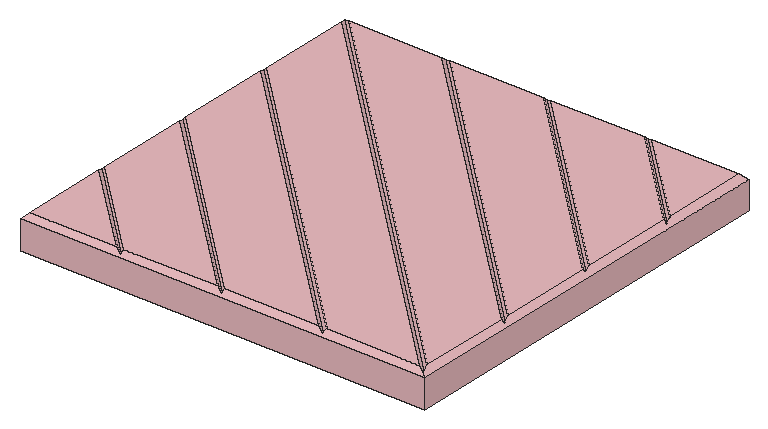
Revit family "DOWNHILL 2ft x 2ft", category Specialty Equipment, Revit 2023
Family settings
  Round Connector Dimension = Use Diameter
  Part Type = Normal
  OmniClass Number = 23.35.00.00
  OmniClass Title = Covering, Cladding, and Finishes
  Work Plane-Based = Yes
  Enable Cutting in Views = Yes
  Always vertical = No
  Cut with Voids When Loaded = No
  Maintain Annotation Orientation = No
  Shared = No
  Room Calculation Point = No
Parameters (values of type "2 INCH THICK - CUSTOM PAINTED - STANDARD")
  URL = "https://www.acousticalsurfaces.com/envirocoustic-wood-wool/designs/"
  Type Comments = "Acoustic panels for vertical and horizontal surfaces"
  Thickness = 0' - 2"
  Recycled Content Percentage = "0%"
  Model = "Envirocoustic Wood Wool"
  Material = "Envirocoustic Wood Wool"
  Manufacturer = "Acoustical Surfaces, Inc."
  Fire Rating = "ASTM E84 - Class A"
  Finish = Paint - Acoustical-Surfaces - Custom Painted
  Description = "Acoustic Panels"
  Default Elevation = 0' - 0"
  Backer Thickness = 0' - 1"
  Backer = no
  Assembly Code = "C30"
  Acoustics - NRC = "Sound absorption varies from NRC 0.45 to 0.95 based on installation method used when tested per ASTM C423."
Types (27): name | Thickness | Finish | Backer Thickness | Backer
  2 INCH THICK - CUSTOM PAINTED - STANDARD | 0' - 2" | Paint - Acoustical-Surfaces - Custom Painted | 0' - 1" | no
  2 INCH THICK - PRIMED WHITE - STANDARD | 0' - 2" | Paint - Acoustical-Surfaces - Primed White | 0' - 1" | no
  2 INCH THICK - PRIMED CLEAR - STANDARD | 0' - 2" | Paint - Acoustical-Surfaces - Primed Clear | 0' - 1" | no
  2 INCH THICK - PRIMED WHITE - 2 INCH CFAB BACKER | 0' - 2" | Paint - Acoustical-Surfaces - Primed White | 0' - 2" | yes
  2 INCH THICK - PRIMED WHITE - 1 INCH CFAB BACKER | 0' - 2" | Paint - Acoustical-Surfaces - Primed White | 0' - 1" | yes
  2 INCH THICK - PRIMED CLEAR - 2 INCH CFAB BACKER | 0' - 2" | Paint - Acoustical-Surfaces - Primed Clear | 0' - 2" | yes
  2 INCH THICK - PRIMED CLEAR - 1 INCH CFAB BACKER | 0' - 2" | Paint - Acoustical-Surfaces - Primed Clear | 0' - 1" | yes
  2 INCH THICK - CUSTOM PAINTED - 2 INCH CFAB BACKER | 0' - 2" | Paint - Acoustical-Surfaces - Custom Painted | 0' - 2" | yes
  2 INCH THICK - CUSTOM PAINTED - 1 INCH CFAB BACKER | 0' - 2" | Paint - Acoustical-Surfaces - Custom Painted | 0' - 1" | yes
  1-3/8 INCH THICK - CUSTOM PAINTED - STANDARD | 0' - 1 3/8" | Paint - Acoustical-Surfaces - Custom Painted | 0' - 1" | no
  1-3/8 INCH THICK - PRIMED WHITE - STANDARD | 0' - 1 3/8" | Paint - Acoustical-Surfaces - Primed White | 0' - 1" | no
  1-3/8 INCH THICK - PRIMED CLEAR - STANDARD | 0' - 1 3/8" | Paint - Acoustical-Surfaces - Primed Clear | 0' - 1" | no
  1-3/8 INCH THICK - PRIMED WHITE - 2 INCH CFAB BACKER | 0' - 1 3/8" | Paint - Acoustical-Surfaces - Primed White | 0' - 2" | yes
  1-3/8 INCH THICK - PRIMED WHITE - 1 INCH CFAB BACKER | 0' - 1 3/8" | Paint - Acoustical-Surfaces - Primed White | 0' - 1" | yes
  1-3/8 INCH THICK - PRIMED CLEAR - 2 INCH CFAB BACKER | 0' - 1 3/8" | Paint - Acoustical-Surfaces - Primed Clear | 0' - 2" | yes
  1-3/8 INCH THICK - PRIMED CLEAR - 1 INCH CFAB BACKER | 0' - 1 3/8" | Paint - Acoustical-Surfaces - Primed Clear | 0' - 1" | yes
  1-3/8 INCH THICK - CUSTOM PAINTED - 2 INCH CFAB BACKER | 0' - 1 3/8" | Paint - Acoustical-Surfaces - Custom Painted | 0' - 2" | yes
  1-3/8 INCH THICK - CUSTOM PAINTED - 1 INCH CFAB BACKER | 0' - 1 3/8" | Paint - Acoustical-Surfaces - Custom Painted | 0' - 1" | yes
  1 INCH THICK - CUSTOM PAINTED - STANDARD | 0' - 1" | Paint - Acoustical-Surfaces - Custom Painted | 0' - 1" | no
  1 INCH THICK - PRIMED WHITE - STANDARD | 0' - 1" | Paint - Acoustical-Surfaces - Primed White | 0' - 1" | no
  1 INCH THICK - PRIMED CLEAR - STANDARD | 0' - 1" | Paint - Acoustical-Surfaces - Primed Clear | 0' - 1" | no
  1 INCH THICK - PRIMED WHITE - 2 INCH CFAB BACKER | 0' - 1" | Paint - Acoustical-Surfaces - Primed White | 0' - 2" | yes
  1 INCH THICK - PRIMED WHITE - 1 INCH CFAB BACKER | 0' - 1" | Paint - Acoustical-Surfaces - Primed White | 0' - 1" | yes
  1 INCH THICK - PRIMED CLEAR - 2 INCH CFAB BACKER | 0' - 1" | Paint - Acoustical-Surfaces - Primed Clear | 0' - 2" | yes
  1 INCH THICK - PRIMED CLEAR - 1 INCH CFAB BACKER | 0' - 1" | Paint - Acoustical-Surfaces - Primed Clear | 0' - 1" | yes
  1 INCH THICK - CUSTOM PAINTED - 2 INCH CFAB BACKER | 0' - 1" | Paint - Acoustical-Surfaces - Custom Painted | 0' - 2" | yes
  1 INCH THICK - CUSTOM PAINTED - 1 INCH CFAB BACKER | 0' - 1" | Paint - Acoustical-Surfaces - Custom Painted | 0' - 1" | yes
Reference planes (in)
  plane 1 "Center (Front/Back)": y = 0
  plane 2: z = 0
  plane 3 "Center (Left/Right)": x = 0
  plane 4: x = -12
  plane 5: x = 12
  plane 6: y = 12
  plane 7: y = -12
  plane 8: z = 2
  plane 9: z = -1
Forms (in)
  Extrusion 1, solid, material "Paint - Acoustical-Surfaces - Custom Painted" <- "Finish"
    sketch origin (0, 0, 0) x (1, 0, 0) y (0, 1, 0)
      loop
        line (12, 12) -> (-12, 12) -> (-12, -12) -> (12, -12) -> (12, 12)
    from 0 to 2
  Sweep 2, void
    path in 3D
      loop
        line (12, 12, 2) -> (-12, 12, 2) -> (-12, -12, 2) -> (12, -12, 2) -> (12, 12, 2)
    profile "Triangle : Family2" origin (12, 0, 2) x (-1, 0, 0) y (0, 0, 1)
      loop
        line (0, 0) -> (0, -0.315) -> (0.315, 0) -> (0, 0)
  Extrusion 3, solid, visible <- "Backer"
    sketch origin (0, 0, 0) x (1, 0, 0) y (0, 1, 0)
      loop
        line (12, 12) -> (-12, 12) -> (-12, -12) -> (12, -12) -> (12, 12)
    from 0 to -1
  Sweep 4, void
    path origin (0, -36, 2) x (1, 0, 0) y (0, 1, 0)
      loop
        line (-12, 48) -> (12, 24)
    profile "Groove : Family2" origin (0, 0, 2) x (0.707107, 0.707107, 0) y (0, 0, 1)
      loop
        line (-0.1575, 0) -> (0, -0.1575) -> (0.1575, 0) -> (-0.1575, 0)
  Sweep 5, void
    path origin (0, -24, 2) x (1, 0, 0) y (0, 1, 0)
      loop
        line (-12, 30) -> (6, 12)
    profile "Groove : Family2" origin (-3, -3, 2) x (0.707107, 0.707107, 0) y (0, 0, 1)
      loop
        line (-0.1575, 0) -> (0, -0.1575) -> (0.1575, 0) -> (-0.1575, 0)
  Sweep 6, void
    path origin (0, -24, 2) x (1, 0, 0) y (0, 1, 0)
      loop
        line (-12, 24) -> (0, 12)
    profile "Groove : Family2" origin (-6, -6, 2) x (0.707107, 0.707107, 0) y (0, 0, 1)
      loop
        line (-0.1575, 0) -> (0, -0.1575) -> (0.1575, 0) -> (-0.1575, 0)
  Sweep 7, void
    path origin (0, -24, 2) x (1, 0, 0) y (0, 1, 0)
      loop
        line (-12, 18) -> (-6, 12)
    profile "Groove : Family2" origin (-9, -9, 2) x (0.707107, 0.707107, 0) y (0, 0, 1)
      loop
        line (-0.1575, 0) -> (0, -0.1575) -> (0.1575, 0) -> (-0.1575, 0)
  Sweep 8, void
    path origin (24, 0, 2) x (0, -1, 0) y (1, 0, 0)
      loop
        line (-12, -30) -> (6, -12)
    profile "Groove : Family2" origin (3, 3, 2) x (0.707107, 0.707107, 0) y (0, 0, 1)
      loop
        line (0.1575, 0) -> (-0.1575, 0) -> (0, -0.1575) -> (0.1575, 0)
  Sweep 9, void
    path origin (24, 0, 2) x (0, -1, 0) y (1, 0, 0)
      loop
        line (-12, -24) -> (0, -12)
    profile "Groove : Family2" origin (6, 6, 2) x (0.707107, 0.707107, 0) y (0, 0, 1)
      loop
        line (0.1575, 0) -> (-0.1575, 0) -> (0, -0.1575) -> (0.1575, 0)
  Sweep 10, void
    path origin (24, 0, 2) x (0, -1, 0) y (1, 0, 0)
      loop
        line (-12, -18) -> (-6, -12)
    profile "Groove : Family2" origin (9, 9, 2) x (0.707107, 0.707107, 0) y (0, 0, 1)
      loop
        line (0.1575, 0) -> (-0.1575, 0) -> (0, -0.1575) -> (0.1575, 0)
Cuts and joins
  Sweep 2, Sweep 4, Sweep 5, Sweep 6, Sweep 7, Sweep 8, Sweep 9, Sweep 10 cuts Extrusion 1
Lines and regions (in)
  sketch lines
    curve 1: line (12, -12, 2) -> (12, 12, 2)
    curve 2: line (-12, -12, 2) -> (12, -12, 2)
    curve 3: line (-12, 12, 2) -> (-12, -12, 2)
    curve 4: line (12, 12, 2) -> (-12, 12, 2)
Dimensions and locks (in)
  equal spacing: plane 4, plane 3 "Center (Left/Right)", plane 5
  equal spacing: plane 7, plane 1 "Center (Front/Back)", plane 6
  plane 7 to plane 6 = 2' - 0"
  locked: plane 4 to plane 5 at 24
  "Thickness": plane 8 to level
  "Backer Thickness": level to plane 9
  aligned and locked: level to plane 2
  aligned and locked: Extrusion 1 sketch curve to plane 4
  aligned and locked: plane 5 to Extrusion 1 sketch curve
  aligned and locked: Extrusion 1 sketch curve to plane 6
  aligned and locked: Extrusion 1 sketch curve to plane 7
  aligned and locked: Extrusion 1 to plane 8
  aligned and locked: Extrusion 3 sketch curve to plane 4
  aligned and locked: plane 5 to Extrusion 3 sketch curve
  aligned and locked: Extrusion 3 sketch curve to plane 6
  aligned and locked: Extrusion 3 sketch curve to plane 7
  aligned and locked: plane 9 to Extrusion 3
Automatic sketch dimensions
  Sweep 4 sketch curve to Extrusion 1 = 0' - 0"  (x3)
  Extrusion 1 to Sweep 4 sketch curve = 0' - 0"
  Sweep 5 sketch curve to Extrusion 1 = 0' - 0"  (x2)
  Sweep 5 sketch curve to Extrusion 1 = 0' - 6"  (x2)
  Sweep 6 sketch curve to Extrusion 1 = 0' - 0"  (x2)
  Sweep 6 sketch curve to Extrusion 1 = 1' - 0"  (x2)
  Sweep 7 sketch curve to Extrusion 1 = 0' - 0"  (x2)
  Sweep 7 sketch curve to Extrusion 1 = 0' - 6"  (x2)
  Sweep 8 sketch curve to Extrusion 1 = 0' - 0"  (x2)
  Sweep 8 sketch curve to Extrusion 1 = 0' - 6"  (x2)
  Sweep 9 sketch curve to Extrusion 1 = 0' - 0"  (x2)
  Sweep 9 sketch curve to Extrusion 1 = 1' - 0"  (x2)
  Sweep 10 sketch curve to Extrusion 1 = 0' - 0"  (x2)
  Sweep 10 sketch curve to Extrusion 1 = 0' - 6"  (x2)
